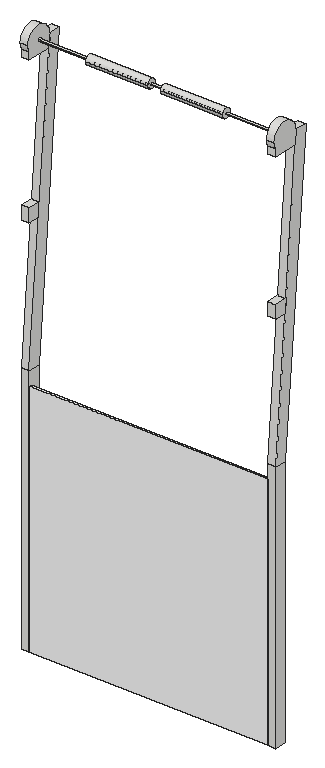
Revit family "Cruiserweight-NI-T2", category Generic Models, host Wall, Revit 2026
Family settings
  Host = Wall
  Can host rebar = No
  Round Connector Dimension = Use Diameter
  Part Type = Normal
  Always vertical = Yes
  Cut with Voids When Loaded = Yes
  Maintain Annotation Orientation = No
  Shared = No
  Room Calculation Point = No
Parameters (values of type "9' x 9'")
  Type Comments = "Non-Insulated"  # constant formula
  Trans = 0' - 6"  # constant formula
  TrackWidth = 0' - 3 1/2"
  TrackHeight = 20' - 6"
  TrackDepth = 0' - 5 3/8"
  PanelSize = 2' - 0"  # constant formula
  OpeningWidth = 9' - 0"
  OpeningHeight = 9' - 0"
  Model = "Cruiserweight"  # constant formula
  Manufacturer = "TKO"  # constant formula
  DoorThk = 0' - 0 3/4"  # constant formula
  Description = "Sectional Door"  # constant formula
  Default Elevation = 0' - 0"
Types (10): name | TrackHeight | OpeningWidth | OpeningHeight
  (no name) | 20' - 6" | 9' - 0" | 9' - 0"
  8' x 10' | 21' - 6" | 8' - 0" | 10' - 0"
  9' x 10' | 21' - 6" | 9' - 0" | 10' - 0"
  10' x 10' | 21' - 6" | 10' - 0" | 10' - 0"
  10' x 8' | 19' - 6" | 10' - 0" | 8' - 0"
  10' x 9' | 20' - 6" | 10' - 0" | 8' - 0"
  8' x 9' | 20' - 6" | 8' - 0" | 9' - 0"
  8' x 8' | 19' - 6" | 8' - 0" | 8' - 0"
  9' x 9' | 20' - 6" | 9' - 0" | 9' - 0"
  9' x 8' | 19' - 6" | 9' - 0" | 8' - 0"
Reference planes (in)
  plane 1: y = 0
  plane 2 "Center (Left/Right)": x = 0
  plane 3 "Wall Edge": y = 3
  plane 4: x = -54
  plane 5: x = 54
  plane 6: z = 108
  plane 7: y = 3
  plane 8: y = 3.75
  plane 9: z = 24
  plane 10: z = 48
  plane 11: z = 72
  plane 12: x = -57.5
  plane 13: x = 57.5
  plane 14: y = 8.375
  plane 15: z = 246
  plane 16: z = 96
  plane 17: z = 120
  plane 18: x = -3
  plane 19: x = 3
  plane 20: x = 31
  plane 21: x = -31
  plane 22: z = 114
  plane 23: z = 240
  plane 24: z = 180
  plane 25: z = 174
Forms (in)
  Extrusion 1, void
    sketch origin (0, 3, 0) x (1, 0, 0) y (0, 0, 1)
      loop
        line (54, 108) -> (-54, 108) -> (-54, 0) -> (54, 0) -> (54, 108)
    from 0 to 6
  Extrusion 2, solid, material "DOOR PANEL"
    sketch origin (0, 0, 0) x (1, 0, 0) y (0, 1, 0)
      loop
        line (-54, 3.75) -> (-54, 3) -> (54, 3) -> (54, 3.75) -> (-54, 3.75)
    from 0 to 108
  Extrusion 3, solid, material "Steel"
    sketch origin (0, 0, 0) x (1, 0, 0) y (0, 1, 0)
      loop
        line (-57.5, 8.375) -> (-57.5, 3) -> (-54, 3) -> (-54, 8.375) -> (-57.5, 8.375)
      loop
        line (54, 8.375) -> (54, 3) -> (57.5, 3) -> (57.5, 8.375) -> (54, 8.375)
    from 0 to 114
  Extrusion 4, solid, material "Steel"
    sketch origin (0, 0, 0) x (0, 1, 0) y (0, 0, 1)
      loop
        circle (8.375, 246) r 6
    from 54 to 57.5
  Extrusion 5, solid, material "Steel"
    sketch origin (0, 0, 0) x (0, 1, 0) y (0, 0, -1)
      loop
        circle (8.375, -246) r 6
    from 54 to 57.5
  Extrusion 6, solid, material "Steel"
    sketch origin (0, 0, 0) x (0, 1, 0) y (0, 0, 1)
      loop
        circle (8.375, 246) r 0.5
    from -54 to 54
  Extrusion 7, solid, material "Steel"
    sketch origin (0, 0, 0) x (0, 1, 0) y (0, 0, 1)
      loop
        circle (8.375, 246) r 2
    from 3 to 31
  Extrusion 8, solid, material "Steel"
    sketch origin (0, 0, 0) x (0, 1, 0) y (0, 0, -1)
      loop
        circle (8.375, -246) r 2
    from 3 to 31
  Extrusion 9, solid, material "Steel"
    sketch origin (0, 0, 0) x (0, 1, 0) y (0, 0, 1)
      loop
        line (3, 114) -> (8.375, 114) -> (19.9235, 246) -> (14.5485, 246) -> (3, 114)
    from -57.5 to -54
  Extrusion 10, solid, material "Steel"
    sketch origin (0, 0, 0) x (0, 1, 0) y (0, 0, 1)
      loop
        line (14.5485, 246) -> (3, 246) -> (3, 240) -> (14.02357, 240) -> (14.5485, 246)
      loop
        line (3, 174) -> (8.24932, 174) -> (8.77425, 180) -> (3, 180) -> (3, 174)
    from 54 to 57.5
  Extrusion 11, solid, material "Steel"
    sketch origin (0, 0, 0) x (0, 1, 0) y (0, 0, -1)
      loop
        line (3, -114) -> (14.5485, -246) -> (19.9235, -246) -> (8.375, -114) -> (3, -114)
    from -57.5 to -54
  Extrusion 12, solid, material "Steel"
    sketch origin (0, 0, 0) x (0, 1, 0) y (0, 0, -1)
      loop
        line (14.5485, -246) -> (14.02357, -240) -> (3, -240) -> (3, -246) -> (14.5485, -246)
      loop
        line (3, -174) -> (3, -180) -> (8.77425, -180) -> (8.24932, -174) -> (3, -174)
    from 54 to 57.5
Cuts and joins
  joined: Extrusion 3, Extrusion 4, Extrusion 5, Extrusion 10, Extrusion 12
Lines and regions (in)
  model lines
    curve 1: line (54, 3, 24) -> (-54, 3, 24)
    curve 2: line (-54, 3, 48) -> (54, 3, 48)
    curve 3: line (54, 3, 72) -> (-54, 3, 72)
    curve 4: line (54, 3, 96) -> (-54, 3, 96)
    curve 5: line (54, 3, 120) -> (-54, 3, 120)
Text (in)
  text "Placement Side" at (0, 40.15149, 123.01588), in view "Right"
  text "Placement Side" at (-70.3804, 83.26548, 0), in view "Ref. Level"
  text "Placement Side" at (0, 81.62555, 140.59947), in view "Left"
Dimensions and locks (in)
  locked: plane 3 "Wall Edge" to host wall
  equal spacing: plane 5, plane 2 "Center (Left/Right)", plane 4
  "OpeningWidth": plane 5 to plane 4
  "DoorThk": plane 7 to plane 8
  host wall to Extrusion 2 = 0' - 3 3/4"
  "TrackDepth": plane 14 to plane 7
  "TrackWidth": plane 12 to plane 4
  "TrackWidth": plane 5 to plane 13
  "PanelSize": plane 9 to level
  equal spacing: plane 17, plane 16, plane 11, plane 10, plane 9, level
  "TrackHeight": level to plane 15
  "OpeningHeight": level to plane 6
  equal spacing: plane 18, plane 2 "Center (Left/Right)", plane 19, locked at 3 each
  locked: plane 21 to plane 18 at 28
  locked: plane 19 to plane 20 at 28
  "Trans": plane 6 to plane 22
  locked: Extrusion 9 sketch curve to Extrusion 9 sketch curve at 5.35455
  locked: Extrusion 11 sketch curve to Extrusion 11 sketch curve at 5.35455
  locked: plane 23 to plane 15 at 6
  locked: plane 24 to plane 25 at 6
  locked: plane 24 to plane 23 at 60
  radius of Extrusion 4 sketch curve = 0' - 6"
  radius of Extrusion 5 sketch curve = 0' - 6"
  radius of Extrusion 6 sketch curve = 0' - 0 1/2"
  radius of Extrusion 7 sketch curve = 0' - 2"
  radius of Extrusion 8 sketch curve = 0' - 2"
  locked: Extrusion 9 sketch curve to plane 1 (angle 5.00°)
  aligned and locked: host wall to plane 7
  aligned and locked: Extrusion 1 sketch curve to plane 5
  aligned and locked: Extrusion 1 sketch curve to plane 4
  aligned and locked: Extrusion 1 to plane 7
  aligned and locked: host wall to Extrusion 1
  aligned and locked: Extrusion 2 to plane 3 "Wall Edge"
  aligned and locked: plane 8 to Extrusion 2
  aligned and locked: Extrusion 2 to plane 6
  aligned and locked: Extrusion 3 sketch curve to plane 14  (x2)
  aligned and locked: Extrusion 3 sketch curve to plane 12
  aligned and locked: curve 1 to Extrusion 3 sketch curve
  aligned and locked: plane 5 to Extrusion 3 sketch curve
  aligned and locked: Extrusion 3 sketch curve to plane 7
  aligned and locked: Extrusion 3 sketch curve to plane 13
  aligned and locked: plane 15 to Extrusion 4 sketch curve
  aligned and locked: Extrusion 3 to Extrusion 4 sketch curve
  aligned and locked: Extrusion 4 to plane 13
  aligned and locked: Extrusion 4 to plane 5
  aligned and locked: plane 4 to Extrusion 5
  aligned and locked: Extrusion 5 to plane 12
  aligned and locked: curve 2 to plane 10
  aligned and locked: curve 3 to plane 11
  aligned and locked: curve 1 to plane 9
  aligned and locked: cut or joined group of Extrusion 3, Extrusion 4, Extrusion 5, Extrusion 10, Extrusion 12 to Extrusion 6 sketch curve
  aligned and locked: plane 5 to Extrusion 6
  aligned and locked: Extrusion 6 to plane 4
  aligned and locked: cut or joined group of Extrusion 3, Extrusion 4, Extrusion 5, Extrusion 10, Extrusion 12 to level
  aligned and locked: Extrusion 2 to level
  aligned and locked: curve 4 to plane 16
  aligned and locked: curve 5 to plane 17
  aligned and locked: level to Extrusion 2
  aligned and locked: Extrusion 1 sketch curve to level
  aligned and locked: Extrusion 1 sketch curve to plane 6
  aligned and locked: plane 15 to Extrusion 7 sketch curve
  aligned and locked: plane 14 to Extrusion 7 sketch curve
  aligned and locked: Extrusion 7 to plane 20
  aligned and locked: plane 19 to Extrusion 7
  aligned and locked: Extrusion 8 to plane 18
  aligned and locked: plane 21 to Extrusion 8
  aligned and locked: plane 15 to Extrusion 8 sketch curve
  aligned and locked: Extrusion 8 sketch curve to plane 14
  aligned and locked: plane 22 to cut or joined group of Extrusion 3, Extrusion 4, Extrusion 5, Extrusion 10, Extrusion 12
  aligned and locked: plane 22 to Extrusion 9 sketch curve
  aligned and locked: plane 15 to Extrusion 9 sketch curve
  aligned and locked: Extrusion 9 to plane 12
  aligned and locked: Extrusion 9 to plane 4
  aligned and locked: plane 15 to Extrusion 10 sketch curve
  aligned and locked: Extrusion 10 sketch curve to plane 7
  aligned and locked: plane 7 to Extrusion 10 sketch curve
  aligned and locked: Extrusion 10 to plane 13
  aligned and locked: Extrusion 10 to plane 5
  aligned and locked: Extrusion 11 to plane 13
  aligned and locked: Extrusion 11 to plane 5
  aligned and locked: Extrusion 9 to Extrusion 11  (x2)
  aligned and locked: Extrusion 10 sketch curve to Extrusion 11
  aligned and locked: Extrusion 11 to Extrusion 10 sketch curve
  aligned and locked: plane 15 to Extrusion 10
  aligned and locked: plane 23 to Extrusion 10
  aligned and locked: plane 24 to Extrusion 10
  aligned and locked: Extrusion 10 to plane 25
  aligned and locked: plane 4 to Extrusion 12
  aligned and locked: Extrusion 12 to plane 12
  aligned and locked: plane 24 to Extrusion 12
  aligned and locked: Extrusion 12 to plane 25
  aligned and locked: plane 23 to Extrusion 12
  aligned and locked: plane 15 to Extrusion 12
  aligned and locked: Extrusion 2 to plane 4
  aligned and locked: Extrusion 2 to plane 5
  aligned and locked: plane 4 to cut or joined group of Extrusion 3, Extrusion 4, Extrusion 5, Extrusion 10, Extrusion 12
Automatic sketch dimensions
  Extrusion 2 sketch curve to host wall = 0' - 0"
  Extrusion 2 sketch curve to plane 4 = 0' - 0"
  plane 5 to Extrusion 2 sketch curve = 0' - 0"
  Extrusion 2 sketch curve to plane 8 = 0' - 0"
  curve 3 to plane 4 = 0' - 0"
  curve 1 to plane 4 = 0' - 0"
  curve 2 to plane 4 = 0' - 0"
  curve 4 to plane 4 = 0' - 0"
  curve 5 to plane 4 = 0' - 0"
  curve 4 to plane 5 = 0' - 0"
  curve 2 to plane 5 = 0' - 0"
  curve 5 to plane 5 = 0' - 0"
  curve 1 to plane 5 = 0' - 0"
  curve 3 to plane 5 = 0' - 0"
  plane 4 to Extrusion 3 sketch curve = 0' - 0"
  Extrusion 3 sketch curve to plane 13 = 0' - 0"
  Extrusion 5 sketch curve to plane 14 = 0' - 0"
  Extrusion 5 sketch curve to plane 15 = 0' - 0"
  Extrusion 6 sketch curve to plane 15 = 0' - 0"
  Extrusion 9 sketch curve to host wall = 0' - 0"
  Extrusion 10 sketch curve to plane 25 = 0' - 0"
  Extrusion 10 sketch curve to plane 24 = 0' - 0"
  plane 23 to Extrusion 10 sketch curve = 0' - 0"
  Extrusion 11 sketch curve to host wall = 0' - 0"
  Extrusion 11 sketch curve to plane 14 = 0' - 0"
  Extrusion 11 sketch curve to plane 15 = 0' - 0"
  Extrusion 11 sketch curve to plane 22 = 0' - 0"
  Extrusion 12 sketch curve to host wall = 0' - 0"  (x2)
  Extrusion 12 sketch curve to plane 25 = 0' - 0"
  Extrusion 12 sketch curve to plane 24 = 0' - 0"
  plane 23 to Extrusion 12 sketch curve = 0' - 0"
  Extrusion 12 sketch curve to plane 15 = 0' - 0"
  Extrusion 12 sketch curve to plane 14 = 0' - 0.12568"
  plane 14 to Extrusion 12 sketch curve = 0' - 0.39925"
  plane 14 to Extrusion 12 sketch curve = 0' - 5.64857"
  Extrusion 12 sketch curve to Extrusion 12 sketch curve = 0' - 0.52493"
